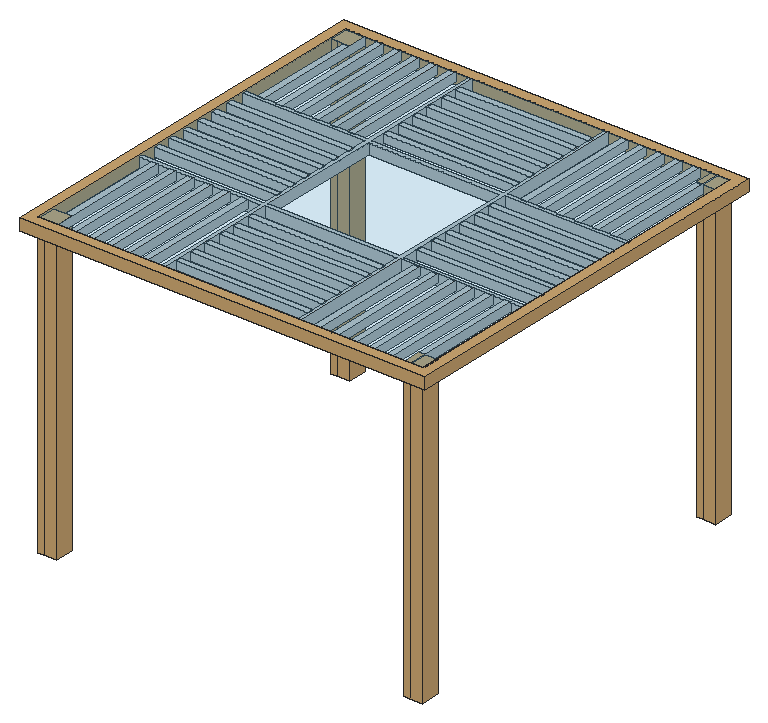
Revit family "L-FUR_퍼걸러_YP-589_예건", category 일반 모델, Revit 2019
Family settings
  보강 철근 호스트 가능 = 아니오
  원형 커넥터 치수 = 지름 사용
  부품 유형 = 보통
  작업 기준면 기반 = 아니오
  항상 수직 = 예
  로드될 때 보이드를 사용하여 절단 = 아니오
  공유 = 아니오
  룸 계산 점 = 아니오
Parameters
  한국산업규격KS = ""
  조달청표준공사코드-세부공종 = ""
  건설정보분류체계-부위분류 = "E94135"
  LIM_INFO_주의사항 = "재배포, 재가공, 판매 금지"
  LIM_INFO_제품업체 = "예건"
  LIM_INFO_제품번호 = "YF-16"
  LIM_INFO_제품명 = "펜스_YF-16"
  LIM_INFO_제작일 = "2021.12."
  LIM_INFO_재료 = "Hardwood, STL-pipe, STL-plate"
  LIM_INFO_업체정보 = ""
  LIM_INFO_업체URL = "https://yekun.com/"
  LIM_INFO_업체TEL = "(+82)31-943-6114"
  LIM_INFO_업체EMAIL = "yekun@yekun.com"
  LIM_INFO_버전 = "2022_V01"
  LIM_INFO_기타정보 = ""
  LIM_INFO_규격 = "W2000 x H1800"
  LIM_INFO_가격 = 0
  LIM_INFO_PV_포장재여부 = yes
  LIM_INFO_PV_면적 = 0.00 m²
  KBIMS_식별-버전 = ""
  KBIMS_식별-bSK등록번호 = ""
  KBIMS_보급정보-저작자 = "림인포테크_MMJ"
  KBIMS_보급정보-보급코드 = ""
Reference planes
  plane 1 "중심(앞/뒤)": y = 0
  plane 2: z = 0
  plane 3 "중심(왼쪽/오른쪽)": x = 0
Dimensions and locks
  aligned and locked: level to plane 2
Nested families
  nested 1: "YP-589_base" at (0, 0, 0), type "YP-589_base"
Definition of nested family "YP-589_base"
  Parameters (values of type "YP-589_base")
    한국산업규격KS = ""
    조달청표준공사코드-세부공종 = ""
    건설정보분류체계-부위분류 = "E94335"
    LIM_INFO_주의사항 = "재배포, 재가공, 판매 금지"
    LIM_INFO_제품업체 = "예건"
    LIM_INFO_제품번호 = "YF-16"
    LIM_INFO_제품명 = "펜스_YF-16"
    LIM_INFO_제작일 = "2021.12."
    LIM_INFO_재료 = "Hardwood, STL-pipe, STL-plate"
    LIM_INFO_업체정보 = ""
    LIM_INFO_업체URL = "https://yekun.com/"
    LIM_INFO_업체TEL = "(+82)31-943-6114"
    LIM_INFO_업체EMAIL = "yekun@yekun.com"
    LIM_INFO_버전 = "2022_V01"
    LIM_INFO_기타정보 = ""
    LIM_INFO_규격 = "W2000 x H1800"
    LIM_INFO_가격 = 0
    LIM_INFO_PV_포장재여부 = yes
    LIM_INFO_PV_면적 = 0.00 m²
    KBIMS_식별-버전 = ""
    KBIMS_식별-bSK등록번호 = ""
    KBIMS_보급정보-저작자 = "림인포테크_MMJ"
    KBIMS_보급정보-보급코드 = ""
  Reference planes
    plane 1 "중심(앞/뒤)": y = 0
    plane 2: z = 0
    plane 3 "중심(왼쪽/오른쪽)": x = 0
  Forms (mm)
    Extrusion 1, solid, detail levels fine
      sketch origin (-513.411, -444.897, 0) x (1, 0, 0) y (0, 1, 0)
        loop
          line (433.411, 3724.897) -> (433.411, 364.897) -> (3793.411, 364.897) -> (3793.411, 3724.897) -> (433.411, 3724.897)
        loop
          line (513.411, 3644.897) -> (513.411, 444.897) -> (3713.411, 444.897) -> (3713.411, 3644.897) -> (513.411, 3644.897)
      from 2400 to 2497
    Extrusion 2, solid, detail levels fine
      sketch origin (-513.411, -444.897, 0) x (1, 0, 0) y (0, 1, 0)
        loop
          line (2693.411, 3644.897) -> (2663.411, 3644.897) -> (2663.411, 2598.23) -> (1563.411, 2598.23) -> (1563.411, 3644.897) -> (1533.411, 3644.897) -> (1533.411, 2598.23) -> (513.411, 2598.23) -> (513.411, 2568.23) -> (1533.411, 2568.23) -> (1533.411, 1521.563) -> (513.411, 1521.563) -> (513.411, 1491.563) -> (1533.411, 1491.563) -> (1533.411, 444.897) -> (1563.411, 444.897) -> (1563.411, 1491.563) -> (2663.411, 1491.563) -> (2663.411, 444.897) -> (2693.411, 444.897) -> (2693.411, 1491.563) -> (3713.411, 1491.563) -> (3713.411, 1521.563) -> (2693.411, 1521.563) -> (2693.411, 2568.23) -> (3713.411, 2568.23) -> (3713.411, 2598.23) -> (2693.411, 2598.23) -> (2693.411, 3644.897)
        loop
          line (2663.411, 1521.563) -> (2663.411, 2568.23) -> (1563.411, 2568.23) -> (1563.411, 1521.563) -> (2663.411, 1521.563)
      from 2400 to 2490
    Extrusion 3, solid, detail levels fine
      sketch origin (-513.411, -444.897, 0) x (1, 0, 0) y (0, 1, 0)
        loop
          line (2803.411, 2598.23) -> (2853.411, 2598.23) -> (2853.411, 3644.897) -> (2803.411, 3644.897) -> (2803.411, 2598.23)
        loop
          line (2953.411, 2598.23) -> (3003.411, 2598.23) -> (3003.411, 3644.897) -> (2953.411, 3644.897) -> (2953.411, 2598.23)
        loop
          line (3103.411, 2598.23) -> (3153.411, 2598.23) -> (3153.411, 3644.897) -> (3103.411, 3644.897) -> (3103.411, 2598.23)
        loop
          line (3253.411, 2598.23) -> (3303.411, 2598.23) -> (3303.411, 3644.897) -> (3253.411, 3644.897) -> (3253.411, 2598.23)
        loop
          line (3403.411, 2598.23) -> (3453.411, 2598.23) -> (3453.411, 3644.897) -> (3403.411, 3644.897) -> (3403.411, 2598.23)
        loop
          line (3553.411, 2598.23) -> (3603.411, 2598.23) -> (3603.411, 3644.897) -> (3553.411, 3644.897) -> (3553.411, 2598.23)
        loop
          line (3713.411, 2448.23) -> (2693.411, 2448.23) -> (2693.411, 2398.23) -> (3713.411, 2398.23) -> (3713.411, 2448.23)
        loop
          line (3713.411, 2248.23) -> (3713.411, 2298.23) -> (2693.411, 2298.23) -> (2693.411, 2248.23) -> (3713.411, 2248.23)
        loop
          line (3713.411, 2148.23) -> (2693.411, 2148.23) -> (2693.411, 2098.23) -> (3713.411, 2098.23) -> (3713.411, 2148.23)
        loop
          line (3713.411, 1998.23) -> (2693.411, 1998.23) -> (2693.411, 1948.23) -> (3713.411, 1948.23) -> (3713.411, 1998.23)
        loop
          line (3713.411, 1848.23) -> (2693.411, 1848.23) -> (2693.411, 1798.23) -> (3713.411, 1798.23) -> (3713.411, 1848.23)
        loop
          line (3713.411, 1698.23) -> (2693.411, 1698.23) -> (2693.411, 1648.23) -> (3713.411, 1648.23) -> (3713.411, 1698.23)
        loop
          line (3553.411, 1491.563) -> (3553.411, 444.897) -> (3603.411, 444.897) -> (3603.411, 1491.563) -> (3553.411, 1491.563)
        loop
          line (3403.411, 1491.563) -> (3403.411, 444.897) -> (3453.411, 444.897) -> (3453.411, 1491.563) -> (3403.411, 1491.563)
        loop
          line (3153.411, 1491.563) -> (3103.411, 1491.563) -> (3103.411, 444.897) -> (3153.411, 444.897) -> (3153.411, 1491.563)
        loop
          line (3303.411, 1491.563) -> (3253.411, 1491.563) -> (3253.411, 444.897) -> (3303.411, 444.897) -> (3303.411, 1491.563)
        loop
          line (2953.411, 1491.563) -> (2953.411, 444.897) -> (3003.411, 444.897) -> (3003.411, 1491.563) -> (2953.411, 1491.563)
        loop
          line (2803.411, 1491.563) -> (2803.411, 444.897) -> (2853.411, 444.897) -> (2853.411, 1491.563) -> (2803.411, 1491.563)
        loop
          line (2663.411, 1362.366) -> (1563.411, 1362.366) -> (1563.411, 1312.366) -> (2663.411, 1312.366) -> (2663.411, 1362.366)
        loop
          line (1563.411, 1212.366) -> (1563.411, 1162.366) -> (2663.411, 1162.366) -> (2663.411, 1212.366) -> (1563.411, 1212.366)
        loop
          line (2663.411, 1062.366) -> (1563.411, 1062.366) -> (1563.411, 1012.366) -> (2663.411, 1012.366) -> (2663.411, 1062.366)
        loop
          line (1563.411, 912.366) -> (1563.411, 862.366) -> (2663.411, 862.366) -> (2663.411, 912.366) -> (1563.411, 912.366)
        loop
          line (2663.411, 762.366) -> (1563.411, 762.366) -> (1563.411, 712.366) -> (2663.411, 712.366) -> (2663.411, 762.366)
        loop
          line (1563.411, 612.366) -> (1563.411, 562.366) -> (2663.411, 562.366) -> (2663.411, 612.366) -> (1563.411, 612.366)
        loop
          line (1423.411, 1491.563) -> (1373.411, 1491.563) -> (1373.411, 444.897) -> (1423.411, 444.897) -> (1423.411, 1491.563)
        loop
          line (1273.411, 444.897) -> (1273.411, 1491.563) -> (1223.411, 1491.563) -> (1223.411, 444.897) -> (1273.411, 444.897)
        loop
          line (1123.411, 1491.563) -> (1073.411, 1491.563) -> (1073.411, 444.897) -> (1123.411, 444.897) -> (1123.411, 1491.563)
        loop
          line (973.411, 444.897) -> (973.411, 1491.563) -> (923.411, 1491.563) -> (923.411, 444.897) -> (973.411, 444.897)
        loop
          line (823.411, 1491.563) -> (773.411, 1491.563) -> (773.411, 444.897) -> (823.411, 444.897) -> (823.411, 1491.563)
        loop
          line (673.411, 444.897) -> (673.411, 1491.563) -> (623.411, 1491.563) -> (623.411, 444.897) -> (673.411, 444.897)
        loop
          line (1533.411, 1698.23) -> (513.411, 1698.23) -> (513.411, 1648.23) -> (1533.411, 1648.23) -> (1533.411, 1698.23)
        loop
          line (1533.411, 1798.23) -> (1533.411, 1848.23) -> (513.411, 1848.23) -> (513.411, 1798.23) -> (1533.411, 1798.23)
        loop
          line (513.411, 1948.23) -> (1533.411, 1948.23) -> (1533.411, 1998.23) -> (513.411, 1998.23) -> (513.411, 1948.23)
        loop
          line (1533.411, 2098.23) -> (1533.411, 2148.23) -> (513.411, 2148.23) -> (513.411, 2098.23) -> (1533.411, 2098.23)
        loop
          line (513.411, 2248.23) -> (1533.411, 2248.23) -> (1533.411, 2298.23) -> (513.411, 2298.23) -> (513.411, 2248.23)
        loop
          line (1533.411, 2398.23) -> (1533.411, 2448.23) -> (513.411, 2448.23) -> (513.411, 2398.23) -> (1533.411, 2398.23)
        loop
          line (673.411, 2598.23) -> (673.411, 3644.897) -> (623.411, 3644.897) -> (623.411, 2598.23) -> (673.411, 2598.23)
        loop
          line (973.411, 2598.23) -> (973.411, 3644.897) -> (923.411, 3644.897) -> (923.411, 2598.23) -> (973.411, 2598.23)
        loop
          line (823.411, 3644.897) -> (773.411, 3644.897) -> (773.411, 2598.23) -> (823.411, 2598.23) -> (823.411, 3644.897)
        loop
          line (1273.411, 3644.897) -> (1223.411, 3644.897) -> (1223.411, 2598.23) -> (1273.411, 2598.23) -> (1273.411, 3644.897)
        loop
          line (1123.411, 2598.23) -> (1123.411, 3644.897) -> (1073.411, 3644.897) -> (1073.411, 2598.23) -> (1123.411, 2598.23)
        loop
          line (1373.411, 3644.897) -> (1373.411, 2598.23) -> (1423.411, 2598.23) -> (1423.411, 3644.897) -> (1373.411, 3644.897)
        loop
          line (1563.411, 3518.23) -> (1563.411, 3468.23) -> (2663.411, 3468.23) -> (2663.411, 3518.23) -> (1563.411, 3518.23)
        loop
          line (2663.411, 3368.23) -> (1563.411, 3368.23) -> (1563.411, 3318.23) -> (2663.411, 3318.23) -> (2663.411, 3368.23)
        loop
          line (1563.411, 3218.23) -> (1563.411, 3168.23) -> (2663.411, 3168.23) -> (2663.411, 3218.23) -> (1563.411, 3218.23)
        loop
          line (2663.411, 3068.23) -> (1563.411, 3068.23) -> (1563.411, 3018.23) -> (2663.411, 3018.23) -> (2663.411, 3068.23)
        loop
          line (1563.411, 2918.23) -> (1563.411, 2868.23) -> (2663.411, 2868.23) -> (2663.411, 2918.23) -> (1563.411, 2918.23)
        loop
          line (2663.411, 2768.23) -> (1563.411, 2768.23) -> (1563.411, 2718.23) -> (2663.411, 2718.23) -> (2663.411, 2768.23)
      from 2420 to 2490
    Extrusion 4, solid, detail levels fine
      sketch origin (-513.411, -444.897, 0) x (1, 0, 0) y (0, 1, 0)
        loop
          line (513.411, 3644.897) -> (513.411, 444.897) -> (3713.411, 444.897) -> (3713.411, 3644.897) -> (513.411, 3644.897)
      from 2490 to 2497
    Extrusion 5, solid, detail levels fine
      sketch origin (-513.411, -444.897, 0) x (1, 0, 0) y (0, 1, 0)
        loop
          line (3713.411, 444.897) -> (3713.411, 604.897) -> (3553.411, 604.897) -> (3553.411, 444.897) -> (3603.411, 444.897) -> (3713.411, 444.897)
        loop
          line (3713.411, 3484.897) -> (3713.411, 3644.897) -> (3553.411, 3644.897) -> (3553.411, 3484.897) -> (3603.411, 3484.897) -> (3713.411, 3484.897)
        loop
          line (673.411, 3484.897) -> (673.411, 3644.897) -> (513.411, 3644.897) -> (513.411, 3484.897) -> (563.411, 3484.897) -> (673.411, 3484.897)
        loop
          line (673.411, 444.897) -> (673.411, 604.897) -> (513.411, 604.897) -> (513.411, 444.897) -> (563.411, 444.897) -> (673.411, 444.897)
      from 0 to 2490
    Extrusion 6, solid, detail levels coarse+medium
      sketch origin (-513.411, -444.897, 0) x (1, 0, 0) y (0, 1, 0)
        loop
          line (433.411, 3724.897) -> (433.411, 364.897) -> (3793.411, 364.897) -> (3793.411, 3724.897) -> (433.411, 3724.897)
        loop
          line (513.411, 3644.897) -> (513.411, 444.897) -> (3713.411, 444.897) -> (3713.411, 3644.897) -> (513.411, 3644.897)
      from 2400 to 2497
    Extrusion 7, solid, detail levels coarse+medium
      sketch origin (-4880, -80, 0) x (1, 0, 0) y (0, 1, 0)
        loop
          line (4880, 3280) -> (4880, 80) -> (8080, 80) -> (8080, 3280) -> (4880, 3280)
        loop
          line (5930, 2203.333) -> (5930, 1156.667) -> (7030, 1156.667) -> (7030, 2203.333) -> (5930, 2203.333)
      from 2420 to 2490
    Extrusion 8, solid, detail levels coarse+medium
      sketch origin (-513.411, -444.897, 0) x (1, 0, 0) y (0, 1, 0)
        loop
          line (513.411, 3644.897) -> (513.411, 444.897) -> (3713.411, 444.897) -> (3713.411, 3644.897) -> (513.411, 3644.897)
      from 2490 to 2497
  Dimensions and locks
    aligned and locked: level to plane 2
